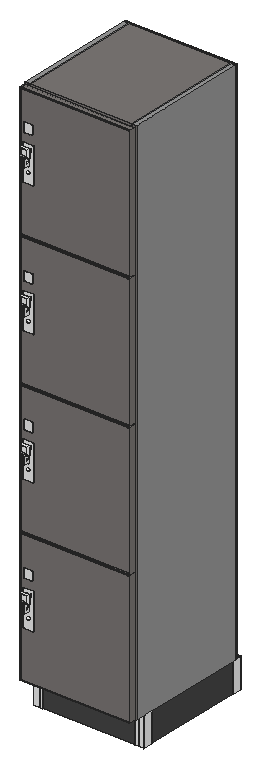
Revit family "Wood_Lockers_Hasps-Salsbury_Industries-15_44000_Series-1_Wide_Units.rfa", category Specialty Equipment, Revit 2016 (continued)
Definition of nested family "Premier Locker Doors_Hasp"
  Dimensions and locks (in)
    aligned and locked: Extrusion 13 sketch curve to plane 61  (x2)
    aligned and locked: Extrusion 13 sketch curve to plane 62  (x2)
  Automatic sketch dimensions
    Extrusion 1 sketch curve to plane 4 "Left Side of Door" = 0.031"
    plane 5 "Right Side of Door" to Extrusion 1 sketch curve = 0.031"
    level to Extrusion 1 sketch curve = 0.031"
    plane 9 "Top of Door" to Extrusion 1 sketch curve = 0.031"
    Extrusion 2 sketch curve to plane 4 "Left Side of Door" = 0.031"
    plane 5 "Right Side of Door" to Extrusion 2 sketch curve = 0.031"
    level to Extrusion 2 sketch curve = 0.031"
    plane 9 "Top of Door" to Extrusion 2 sketch curve = 0.031"
    Extrusion 3 sketch curve to plane 4 "Left Side of Door" = 0.031"
    plane 5 "Right Side of Door" to Extrusion 3 sketch curve = 0.031"
    level to Extrusion 3 sketch curve = 0.031"
    plane 9 "Top of Door" to Extrusion 3 sketch curve = 0.031"
    plane 23 "Left Side of Door-Right Side of Trim" to Sweep 4 sketch curve = 0.000"
    plane 24 "Right Side of Door-Left Side of Trim" to Sweep 4 sketch curve = 0.000"  (x2)
    Sweep 4 sketch curve to plane 26 "Bottom of Door-Top of Trim" = 0.000"
    Sweep 4 sketch curve to plane 25 "Top of Door-Bottom of Trim" = 0.000"
    profile plane to Sweep 4 sketch curve = 0.125"
    Sweep 4 sketch curve to Sweep 4 sketch curve = 0.031"
    Sweep 4 sketch curve to plane 1 "Center (Front/Back)" = 0.375"
    plane 1 "Center (Front/Back)" to Sweep 4 sketch curve = 0.375"
    Extrusion 7 sketch curve to plane 33 = 0.000"
    Extrusion 7 sketch curve to plane 34 = 0.000"
    plane 36 to Extrusion 8 sketch curve = 0.000"
    Extrusion 8 sketch curve to Extrusion 8 sketch curve = 0.500"
    plane 35 "Top Hinge" to Extrusion 8 sketch curve = 0.250"
    Extrusion 8 sketch curve to plane 35 "Top Hinge" = 0.250"
    plane 36 to Extrusion 9 sketch curve = 0.000"
    Extrusion 9 sketch curve to Extrusion 9 sketch curve = 0.500"
    plane 37 "Bottom Hinge" to Extrusion 9 sketch curve = 0.250"
    Extrusion 9 sketch curve to plane 37 "Bottom Hinge" = 0.250"
    plane 36 to Extrusion 10 sketch curve = 0.000"
    Extrusion 10 sketch curve to Extrusion 10 sketch curve = 0.500"
    curve 4 to level = 0.000"
    plane 4 "Left Side of Door" to curve 4 = 0.000"
    plane 5 "Right Side of Door" to curve 3 = 0.000"
    curve 3 to plane 9 "Top of Door" = 0.000"
    Extrusion 5 sketch curve to plane 13 "Left Side of Number Tag" = 0.000"
    Extrusion 5 sketch curve to plane 12 "Bottom of Number Tag" = 0.000"
    Extrusion 5 sketch curve to plane 11 "Top of Number Tag" = 0.000"
    Extrusion 5 sketch curve to plane 14 "Right Side of Number Tag" = 0.000"
    Extrusion 6 sketch curve to plane 13 "Left Side of Number Tag" = 0.000"
    Extrusion 6 sketch curve to plane 12 "Bottom of Number Tag" = 0.000"
    Extrusion 6 sketch curve to plane 11 "Top of Number Tag" = 0.000"
    Extrusion 6 sketch curve to plane 14 "Right Side of Number Tag" = 0.000"
    Extrusion 11 sketch curve to plane 13 "Left Side of Number Tag" = 0.125"
    Extrusion 10 sketch curve to plane 10 "Center of Door" = 0.250"
    plane 10 "Center of Door" to Extrusion 10 sketch curve = 0.250"
    Extrusion 11 sketch curve to plane 21 "Bottom of Lock" = 0.125"
    plane 13 "Left Side of Number Tag" to Extrusion 5 sketch curve = 0.14916"
    Extrusion 5 sketch curve to Extrusion 5 sketch curve = 0.14916"  (x2)
    plane 13 "Left Side of Number Tag" to Extrusion 6 sketch curve = 0.14916"
    Extrusion 6 sketch curve to plane 12 "Bottom of Number Tag" = 0.14916"
    plane 13 "Left Side of Number Tag" to Extrusion 11 sketch curve = 0.000"  (x2)
    Extrusion 5 sketch curve to plane 12 "Bottom of Number Tag" = 0.14916"
    Extrusion 6 sketch curve to plane 14 "Right Side of Number Tag" = 0.14916"  (x2)
    plane 14 "Right Side of Number Tag" to Extrusion 11 sketch curve = 0.000"  (x2)
    Extrusion 12 sketch curve to plane 17 "Left Side of Lock" = 0.000"
    plane 13 "Left Side of Number Tag" to Extrusion 12 sketch curve = 0.000"  (x2)
    plane 14 "Right Side of Number Tag" to Extrusion 12 sketch curve = 0.000"  (x2)
    Extrusion 12 sketch curve to plane 20 "Top of Lock" = 0.000"
    Extrusion 12 sketch curve to plane 18 "Right Side of Lock" = 0.000"
    Extrusion 12 sketch curve to plane 21 "Bottom of Lock" = 0.125"
    plane 15 "Horizontal Center of Number Tag" to Sweep 14 sketch curve = 0.000"
    Sweep 14 sketch curve to plane 50 "Stud Alignment" = 0.000"
    Sweep 14 sketch curve to plane 7 "Front of Door" = 0.000"
    Sweep 14 sketch curve to profile plane = 0.000"
    profile plane to Sweep 14 sketch curve = 0.00168"
    profile plane to Sweep 14 sketch curve = 0.156"
    Sweep 14 sketch curve to plane 7 "Front of Door" = 0.03275"
    Extrusion 15 sketch curve to Extrusion 15 sketch curve = 0.000"  (x2)
    Extrusion 15 sketch curve to plane 50 "Stud Alignment" = 0.000"
    plane 15 "Horizontal Center of Number Tag" to Extrusion 15 sketch curve = 0.000"
    plane 15 "Horizontal Center of Number Tag" to Extrusion 15 sketch curve = 0.010"
    plane 13 "Left Side of Number Tag" to Sweep 16 sketch curve = 0.000"
    plane 14 "Right Side of Number Tag" to Sweep 16 sketch curve = 0.000"
    Sweep 16 sketch curve to plane 45 = 0.000"
    Sweep 16 sketch curve to plane 42 = 0.000"
    Sweep 16 sketch curve to plane 7 "Front of Door" = 0.000"
    profile plane to Sweep 16 sketch curve = 0.000"
    profile plane to Sweep 16 sketch curve = 0.22043"
    Sweep 16 sketch curve to Sweep 16 sketch curve = 0.01681"
    profile plane to Sweep 16 sketch curve = 0.33926"
    Sweep 16 sketch curve to Sweep 16 sketch curve = 0.14344"
    Sweep 16 sketch curve to Sweep 16 sketch curve = 0.15329"
    Sweep 16 sketch curve to Sweep 16 sketch curve = 0.59563"
    Sweep 16 sketch curve to Sweep 16 sketch curve = 0.24142"
    Sweep 16 sketch curve to Sweep 16 sketch curve = 0.00858"
    Sweep 16 sketch curve to Sweep 16 sketch curve = 0.51788"
    Sweep 16 sketch curve to Sweep 16 sketch curve = 0.31119"
    Sweep 16 sketch curve to Sweep 16 sketch curve = 0.11721"
    Sweep 16 sketch curve to Sweep 16 sketch curve = 0.01742"
    Sweep 16 sketch curve to Sweep 16 sketch curve = 0.06553"
    Sweep 16 sketch curve to Sweep 16 sketch curve = 0.000"
    Blend 17 sketch curve to plane 54 = 0.000"
    Blend 17 sketch curve to plane 55 = 0.000"
    Blend 17 sketch curve to plane 47 = 0.21496"
    plane 48 to Blend 17 sketch curve = 0.21496"
    plane 54 to Blend 17 sketch curve = 0.03267"
    Blend 17 sketch curve to plane 40 = 0.00461"
    Blend 17 sketch curve to plane 47 = 0.18235"
    plane 48 to Blend 17 sketch curve = 0.18227"
    Extrusion 18 sketch curve to plane 57 = 0.000"
    Extrusion 18 sketch curve to plane 58 = 0.000"
    plane 59 to Extrusion 19 sketch curve = 0.000"
    Extrusion 19 sketch curve to plane 22 "Front of Hasp Stud" = 0.16637"
    curve 29 to plane 14 "Right Side of Number Tag" = 0.000"
    curve 29 to plane 20 "Top of Lock" = 0.000"
    curve 30 to plane 18 "Right Side of Lock" = 0.000"
    curve 29 to plane 13 "Left Side of Number Tag" = 0.000"
    curve 31 to plane 42 = 0.000"
    curve 32 to plane 21 "Bottom of Lock" = 0.125"
    curve 34 to plane 14 "Right Side of Number Tag" = 0.000"
    curve 35 to plane 13 "Left Side of Number Tag" = 0.000"
    plane 15 "Horizontal Center of Number Tag" to curve 37 = 0.000"
    plane 47 to curve 37 = 0.000"
    plane 57 to curve 37 = 0.0599"
    curve 39 to plane 58 = 0.0661"
    curve 42 to plane 14 "Right Side of Number Tag" = 0.000"
    curve 41 to plane 13 "Left Side of Number Tag" = 0.000"
    curve 41 to plane 45 = 0.000"
    curve 43 to plane 42 = 0.000"
    curve 46 to plane 57 = 0.000"
    curve 46 to plane 15 "Horizontal Center of Number Tag" = 0.063"
    plane 15 "Horizontal Center of Number Tag" to curve 45 = 0.063"
    curve 47 to plane 58 = 0.000"
    curve 15 to plane 6 "Back of Door" = 0.000"
    plane 9 "Top of Door" to curve 15 = 0.000"
    plane 57 to curve 49 = 0.000"
    curve 51 to plane 56 "Front of Latch" = 0.000"
    plane 58 to curve 51 = 0.000"
    curve 17 to level = 0.000"
    plane 59 to curve 52 = 0.000"
    curve 53 to plane 22 "Front of Hasp Stud" = 0.16637"
    plane 7 "Front of Door" to curve 53 = 0.04137"
    plane 53 to curve 54 = 0.05633"
    curve 54 to plane 22 "Front of Hasp Stud" = 0.11642"
    plane 55 to curve 55 = 0.00161"
    curve 55 to plane 40 = 0.00465"
    plane 45 to curve 56 = 0.000"
    curve 56 to plane 39 "Front of Knob" = 0.01788"
    curve 56 to plane 40 = 0.08926"
    plane 55 to curve 57 = 0.000"
    curve 57 to plane 40 = 0.03757"
    plane 39 "Front of Knob" to curve 57 = 0.004"
    plane 42 to curve 60 = 0.000"
    curve 58 to plane 39 "Front of Knob" = 0.000"
    plane 54 to curve 58 = 0.000"
    plane 54 to curve 59 = 0.000"
    plane 55 to curve 58 = 0.000"
    curve 60 to plane 39 "Front of Knob" = 0.01788"
    curve 60 to plane 52 = 0.09774"
    plane 54 to curve 60 = 0.03261"
    plane 56 "Front of Latch" to curve 59 = 0.02711"
    plane 54 to curve 59 = 0.06553"
    plane 39 "Front of Knob" to curve 59 = 0.004"
    curve 61 to plane 54 = 0.00161"
    curve 61 to plane 22 "Front of Hasp Stud" = 0.11642"
    plane 6 "Back of Door" to curve 9 = 0.000"
    curve 6 to plane 4 "Left Side of Door" = 0.000"
    plane 7 "Front of Door" to curve 6 = 0.000"
    plane 7 "Front of Door" to curve 28 = 0.000"
    curve 67 to plane 14 "Right Side of Number Tag" = 0.000"
    curve 65 to plane 13 "Left Side of Number Tag" = 0.000"
    curve 66 to plane 39 "Front of Knob" = 0.000"
    curve 28 to plane 17 "Left Side of Lock" = 0.000"
    curve 28 to plane 18 "Right Side of Lock" = 0.000"
    curve 8 to plane 5 "Right Side of Door" = 0.000"
    curve 64 to plane 22 "Front of Hasp Stud" = 0.11642"
    curve 69 to plane 22 "Front of Hasp Stud" = 0.11642"
    curve 68 to plane 39 "Front of Knob" = 0.01788"
    curve 65 to plane 39 "Front of Knob" = 0.01788"
    curve 14 to plane 23 "Left Side of Door-Right Side of Trim" = 0.07537"
    plane 48 to curve 64 = 0.21657"
    plane 48 to curve 65 = 0.09774"
    plane 48 to curve 63 = 0.05633"
    curve 70 to plane 47 = 0.05633"
    curve 68 to plane 47 = 0.09774"
    curve 69 to curve 69 = 0.16024"
    curve 64 to curve 65 = 0.15655"
    curve 69 to curve 68 = 0.15655"
    plane 39 "Front of Knob" to curve 67 = 0.004"
    plane 33 to curve 14 = 0.250"
    curve 66 to curve 65 = 0.11721"
    curve 67 to plane 47 = 0.14943"
    curve 68 to curve 66 = 0.11721"
    curve 67 to curve 66 = 0.000"
    plane 39 "Front of Knob" to curve 71 = 0.004"
    curve 71 to curve 66 = 0.000"
    plane 48 to curve 71 = 0.14943"
    plane 1 "Center (Front/Back)" to curve 73 = 0.000"
    curve 73 to plane 4 "Left Side of Door" = 0.000"
    curve 73 to plane 60 = 0.000"
    plane 48 to Extrusion 13 sketch curve = 0.000"
    plane 15 "Horizontal Center of Number Tag" to Extrusion 13 sketch curve = 0.000"
    radius of Extrusion 7 sketch curve = 0.250"
    radius of Sweep 14 sketch curve = 0.010"
    radius of Extrusion 19 sketch curve = 0.250"
Definition of nested family "Wood Locker Bases"
  Parameters (values of type "Base - 12" W x 15" D Lockers")
    Width = 12.000"
    Visible Base = yes
    Visible = no
    Model = "Base - 12\" W x 15\" D Lockers"
    Manufacturer = "Salsbury Industries"
    Height = 4.000"
    Depth = 13.250"
    Base Secondary Material = none
    Base Primary Materials = none
    Base Hardware = none
  Types (14): name | Width | Visible Base | Visible | Model | Depth
    (no name) | 12.000" | yes | no | "Base - 12\" W x 15\" D Lockers" | 13.250"
    Base - 12" W x 15" D Lockers | 12.000" | yes | no | "Base - 12\" W x 15\" D Lockers" | 13.250"
    Base - 12" W x 18" D Lockers | 12.000" | yes | no | "Base - 12\" W x 18\" D Lockers" | 16.250"
    Base - 12" W x 21" D Lockers | 12.000" | yes | no | "Base - 12\" W x 21\" D Lockers" | 19.250"
    Base - 36" W x 15" D Lockers | 36.000" | yes | yes | "Base - 36\" W x 15\" D Lockers" | 13.250"
    Base - 36" W x 18" D Lockers | 36.000" | yes | yes | "Base - 36\" W x 18\" D Lockers" | 16.250"
    Base - 36" W x 21" D Lockers | 36.000" | yes | yes | "Base - 36\" W x 21\" D Lockers" | 19.250"
    Base - 15" W x 18" D Lockers | 15.000" | yes | no | "Base - 15\" W x 18\" D Lockers" | 16.250"
    Base - 15" W x 21" D Lockers | 15.000" | yes | no | "Base - 15\" W x 21\" D Lockers" | 19.250"
    Base - 15" W x 24" D Lockers | 15.000" | yes | no | "Base - 15\" W x 24\" D Lockers" | 22.250"
    Base - 45" W x 18" D Lockers | 45.000" | yes | yes | "Base - 45\" W x 18\" D Lockers" | 16.250"
    Base - 45" W x 21" D Lockers | 45.000" | yes | yes | "Base - 45\" W x 21\" D Lockers" | 19.250"
    Base - 45" W x 24" D Lockers | 45.000" | yes | yes | "Base - 45\" W x 24\" D Lockers" | 22.250"
    None | 12.000" | no | no | "Base - 12\" W x 15\" D Lockers" | 13.250"
  Reference planes (in)
    plane 1 "Center (Front/Back)": y = 0
    plane 2: z = 0
    plane 3 "Center (Left/Right)": x = 0
    plane 4 "Left Edge": x = -6
    plane 5 "Right Edge": x = 6
    plane 6 "Back Edge": y = 6.625
    plane 7 "Front Edge": y = -6.625
    plane 8 "Bottom Edge": z = 0
    plane 9 "Top Edge": z = 4
    plane 10: x = -4.75
    plane 11: x = -4.102
    plane 12: y = 6.562
    plane 13: y = 5.8
    plane 14: x = -5.131
    plane 15: x = -5.256
    plane 16: x = -5.937
    plane 17: x = -5.175
    plane 18: y = 4.727
    plane 19: y = 5.375
    plane 20: y = 5.756
    plane 21: y = 5.881
    plane 22: x = -5.931
    plane 23: x = 5.931
    plane 24: y = 6.556
    plane 25: y = -6.556
    plane 26: y = 6.525
    plane 27: y = -6.525
    plane 28: x = -5.9
    plane 29: x = 5.9
    plane 30: x = -2.375
    plane 31: x = 2.375
  Forms (in)
    Extrusion 1, solid, material <- "Base Hardware", visible <- "Visible Base"
      sketch origin (0, 0, 0) x (1, 0, 0) y (0, 1, 0)
        loop
          arc (-5.96712, 6.625) -> (-5.99098, 6.61598) -> (-6, 6.59212) r 0.031
          line (-6, 6.59212) -> (-6, 5.4065)
          arc (-6, 5.4065) -> (-5.9685, 5.375) -> (-5.937, 5.4065) r 0.0315
          line (-5.937, 5.4065) -> (-5.937, 5.756) -> (-5.837, 5.756) -> (-5.837, 5.819) -> (-5.937, 5.819) -> (-5.937, 6.51465) -> (-5.256, 5.83365) -> (-5.256, 5.756) -> (-5.175, 5.756) -> (-5.175, 4.75833)
          arc (-5.175, 4.75833) -> (-5.14367, 4.727) -> (-5.11235, 4.75833) r 0.03133
          line (-5.11235, 4.75833) -> (-5.11235, 5.73703) -> (-4.13348, 5.73703)
          arc (-4.13348, 5.73703) -> (-4.102, 5.76852) -> (-4.13348, 5.8) r 0.03148
          line (-4.13348, 5.8) -> (-5.131, 5.8) -> (-5.131, 5.881) -> (-5.21422, 5.881) -> (-5.89522, 6.562) -> (-5.194, 6.562) -> (-5.194, 6.462) -> (-5.131, 6.462) -> (-5.131, 6.562) -> (-4.7814, 6.562)
          arc (-4.7814, 6.562) -> (-4.7499, 6.5935) -> (-4.7814, 6.625) r 0.0315
          line (-4.7814, 6.625) -> (-5.96712, 6.625)
      from 0 to 4
    Extrusion 2, solid, material <- "Base Hardware", visible <- "Visible Base"
      sketch origin (0, 0, 0) x (-1, 0, 0) y (0, -1, 0)
        loop
          line (-5.96712, -6.625) -> (-4.7814, -6.625)
          arc (-4.7814, -6.625) -> (-4.7499, -6.5935) -> (-4.7814, -6.562) r 0.0315
          line (-4.7814, -6.562) -> (-5.131, -6.562) -> (-5.131, -6.462) -> (-5.194, -6.462) -> (-5.194, -6.562) -> (-5.89522, -6.562) -> (-5.21422, -5.881) -> (-5.131, -5.881) -> (-5.131, -5.8) -> (-4.13348, -5.8)
          arc (-4.13348, -5.8) -> (-4.102, -5.76852) -> (-4.13348, -5.73703) r 0.03148
          line (-4.13348, -5.73703) -> (-5.11235, -5.73703) -> (-5.11235, -4.75833)
          arc (-5.11235, -4.75833) -> (-5.14367, -4.727) -> (-5.175, -4.75833) r 0.03133
          line (-5.175, -4.75833) -> (-5.175, -5.756) -> (-5.256, -5.756) -> (-5.256, -5.83365) -> (-5.937, -6.51465) -> (-5.937, -5.819) -> (-5.837, -5.819) -> (-5.837, -5.756) -> (-5.937, -5.756) -> (-5.937, -5.4065)
          arc (-5.937, -5.4065) -> (-5.9685, -5.375) -> (-6, -5.4065) r 0.0315
          line (-6, -5.4065) -> (-6, -6.59212)
          arc (-6, -6.59212) -> (-5.99098, -6.61598) -> (-5.96712, -6.625) r 0.031
      from 0 to 4
    Extrusion 3, solid, material <- "Base Hardware", visible <- "Visible Base"
      sketch origin (0, 0, 0) x (1, 0, 0) y (0, 1, 0)
        loop
          line (-5.96712, -6.625) -> (-4.7814, -6.625)
          arc (-4.7814, -6.625) -> (-4.7499, -6.5935) -> (-4.7814, -6.562) r 0.0315
          line (-4.7814, -6.562) -> (-5.131, -6.562) -> (-5.131, -6.462) -> (-5.194, -6.462) -> (-5.194, -6.562) -> (-5.89522, -6.562) -> (-5.21422, -5.881) -> (-5.131, -5.881) -> (-5.131, -5.8) -> (-4.13348, -5.8)
          arc (-4.13348, -5.8) -> (-4.102, -5.76852) -> (-4.13348, -5.73703) r 0.03148
          line (-4.13348, -5.73703) -> (-5.11235, -5.73703) -> (-5.11235, -4.75833)
          arc (-5.11235, -4.75833) -> (-5.14367, -4.727) -> (-5.175, -4.75833) r 0.03133
          line (-5.175, -4.75833) -> (-5.175, -5.756) -> (-5.256, -5.756) -> (-5.256, -5.83365) -> (-5.937, -6.51465) -> (-5.937, -5.819) -> (-5.837, -5.819) -> (-5.837, -5.756) -> (-5.937, -5.756) -> (-5.937, -5.4065)
          arc (-5.937, -5.4065) -> (-5.9685, -5.375) -> (-6, -5.4065) r 0.0315
          line (-6, -5.4065) -> (-6, -6.59212)
          arc (-6, -6.59212) -> (-5.99098, -6.61598) -> (-5.96712, -6.625) r 0.031
      from 0 to 4
    Extrusion 4, solid, material <- "Base Hardware", visible <- "Visible Base"
      sketch origin (0, 0, 0) x (-1, 0, 0) y (0, -1, 0)
        loop
          arc (-5.96712, 6.625) -> (-5.99098, 6.61598) -> (-6, 6.59212) r 0.031
          line (-6, 6.59212) -> (-6, 5.4065)
          arc (-6, 5.4065) -> (-5.9685, 5.375) -> (-5.937, 5.4065) r 0.0315
          line (-5.937, 5.4065) -> (-5.937, 5.756) -> (-5.837, 5.756) -> (-5.837, 5.819) -> (-5.937, 5.819) -> (-5.937, 6.51465) -> (-5.256, 5.83365) -> (-5.256, 5.756) -> (-5.175, 5.756) -> (-5.175, 4.75833)
          arc (-5.175, 4.75833) -> (-5.14367, 4.727) -> (-5.11235, 4.75833) r 0.03133
          line (-5.11235, 4.75833) -> (-5.11235, 5.73703) -> (-4.13348, 5.73703)
          arc (-4.13348, 5.73703) -> (-4.102, 5.76852) -> (-4.13348, 5.8) r 0.03148
          line (-4.13348, 5.8) -> (-5.131, 5.8) -> (-5.131, 5.881) -> (-5.21422, 5.881) -> (-5.89522, 6.562) -> (-5.194, 6.562) -> (-5.194, 6.462) -> (-5.131, 6.462) -> (-5.131, 6.562) -> (-4.7814, 6.562)
          arc (-4.7814, 6.562) -> (-4.7499, 6.5935) -> (-4.7814, 6.625) r 0.0315
          line (-4.7814, 6.625) -> (-5.96712, 6.625)
      from 0 to 4
    Extrusion 5, solid, material <- "Base Secondary Material", visible <- "Visible Base"
      sketch origin (0, 0, 0) x (0, -1, 0) y (1, 0, 0)
        loop
          line (-5.756, 5.9) -> (-5.756, 5.181) -> (5.75697, 5.181) -> (5.75697, 5.9) -> (-5.756, 5.9)
      from 0 to 4
    Extrusion 6, solid, material <- "Base Secondary Material", visible <- "Visible Base"
      sketch origin (0, 0, 0) x (0, -1, 0) y (1, 0, 0)
        loop
          line (-5.756, -5.9) -> (5.75697, -5.9) -> (5.75697, -5.181) -> (-5.756, -5.181) -> (-5.756, -5.9)
      from 0 to 4
    Extrusion 7, solid, material <- "Base Secondary Material", visible <- "Visible Base"
      sketch origin (-2.05521, 0.625, 0) x (1, 0, 0) y (0, 1, 0)
        loop
          line (-3.07579, 5.9) -> (-3.07579, 5.181) -> (7.18621, 5.181) -> (7.18621, 5.9) -> (-3.07579, 5.9)
      from 0 to 4
    Extrusion 8, solid, material <- "Base Secondary Material", visible <- "Visible Base"
      sketch origin (-2.05521, -0.625, 0) x (1, 0, 0) y (0, 1, 0)
        loop
          line (-3.07579, -5.9) -> (7.18621, -5.9) -> (7.18621, -5.181) -> (-3.07579, -5.181) -> (-3.07579, -5.9)
      from 0 to 4
    Extrusion 9, solid, material <- "Base Primary Materials", visible <- "Visible Base"
      sketch origin (0.76452, 0, 0) x (0, -1, 0) y (1, 0, 0)
        loop
          line (-5.756, 5.16648) -> (-5.756, 5.13548) -> (5.75697, 5.13548) -> (5.75697, 5.16648) -> (-5.756, 5.16648)
      from 0 to 4
    Extrusion 10, solid, material <- "Base Primary Materials", visible <- "Visible Base"
      sketch origin (-0.719, 0, 0) x (0, -1, 0) y (1, 0, 0)
        loop
          line (-5.756, -5.212) -> (5.75697, -5.212) -> (5.75697, -5.181) -> (-5.756, -5.181) -> (-5.756, -5.212)
      from 0 to 4
    Extrusion 11, solid, material <- "Base Primary Materials", visible <- "Visible Base"
      sketch origin (-2.05521, 1.344, 0) x (1, 0, 0) y (0, 1, 0)
        loop
          line (-3.07579, 5.218) -> (-3.07579, 5.181) -> (7.18621, 5.181) -> (7.18621, 5.218) -> (-3.07579, 5.218)
      from 0 to 4
    Extrusion 12, solid, material <- "Base Primary Materials", visible <- "Visible Base"
      sketch origin (-2.05521, -1.344, 0) x (1, 0, 0) y (0, 1, 0)
        loop
          line (-3.07579, -5.212) -> (7.18621, -5.212) -> (7.18621, -5.181) -> (-3.07579, -5.181) -> (-3.07579, -5.212)
      from 0 to 4
    Extrusion 13, solid, material <- "Base Secondary Material", visible <- "Visible"
      sketch origin (0, 0, 4) x (0, -1, 0) y (1, 0, 0)
        loop
          line (-5.806, -2.375) -> (5.806, -2.375) -> (5.806, 2.375) -> (-5.806, 2.375) -> (-5.806, -2.375)
      from 0 to -0.75
    Extrusion 14, solid, material <- "Base Secondary Material", visible <- "Visible"
      sketch origin (0, 0, 0) x (0, -1, 0) y (1, 0, 0)
        loop
          line (-5.806, -2.375) -> (-5.056, -2.375) -> (-5.056, 2.375) -> (-5.806, 2.375) -> (-5.806, -2.375)
      from 0 to 3.25
    Extrusion 15, solid, material <- "Base Secondary Material", visible <- "Visible"
      sketch origin (0, 0, 0) x (0, 1, 0) y (-1, 0, 0)
        loop
          line (-5.806, 2.375) -> (-5.806, -2.375) -> (-5.056, -2.375) -> (-5.056, 2.375) -> (-5.806, 2.375)
      from 0 to 3.25
  Dimensions and locks (in)
    equal spacing: plane 4 "Left Edge", plane 3 "Center (Left/Right)", plane 5 "Right Edge"
    "Width": plane 4 "Left Edge" to plane 5 "Right Edge"
    equal spacing: plane 7 "Front Edge", plane 1 "Center (Front/Back)", plane 6 "Back Edge"
    "Depth": plane 7 "Front Edge" to plane 6 "Back Edge"
    "Height": plane 9 "Top Edge" to plane 8 "Bottom Edge"
    locked: plane 4 "Left Edge" to plane 10 at 1.25
    locked: plane 4 "Left Edge" to plane 11 at 1.898
    locked: plane 12 to plane 6 "Back Edge" at 0.063
    plane 14 to plane 10 = 0.381"
    locked: plane 12 to plane 13 at 0.762
    locked: plane 4 "Left Edge" to plane 16 at 0.063
    locked: plane 16 to plane 17 at 0.762
    locked: plane 19 to plane 6 "Back Edge" at 1.25
    locked: plane 18 to plane 6 "Back Edge" at 1.898
    plane 15 to plane 17 = 0.081"
    plane 21 to plane 13 = 0.081"
    plane 19 to plane 20 = 0.381"
    plane 24 to plane 6 "Back Edge" = 0.069"
    plane 7 "Front Edge" to plane 25 = 0.069"
    plane 23 to plane 5 "Right Edge" = 0.069"
    plane 4 "Left Edge" to plane 22 = 0.069"
    plane 26 to plane 24 = 0.031"
    plane 25 to plane 27 = 0.031"
    plane 22 to plane 28 = 0.031"
    plane 29 to plane 23 = 0.031"
    plane 30 to plane 3 "Center (Left/Right)" to plane 31 = 2.375" locked, 2.375" locked
    aligned and locked: level to plane 2
    aligned and locked: plane 30 to Extrusion 13
    aligned and locked: plane 30 to Extrusion 14
    aligned and locked: plane 30 to Extrusion 15
    aligned and locked: Extrusion 13 to plane 31
    aligned and locked: Extrusion 14 to plane 31
    aligned and locked: Extrusion 15 to plane 31
  Automatic sketch dimensions
    Extrusion 1 sketch curve to plane 4 "Left Edge" = 0.000"
    plane 6 "Back Edge" to Extrusion 1 sketch curve = 0.000"
    Extrusion 1 sketch curve to plane 16 = 0.000"  (x2)
    Extrusion 1 sketch curve to plane 12 = 0.000"  (x2)
    plane 20 to Extrusion 1 sketch curve = 0.000"  (x2)
    Extrusion 1 sketch curve to plane 15 = 0.000"
    plane 21 to Extrusion 1 sketch curve = 0.000"
    Extrusion 1 sketch curve to plane 17 = 0.000"
    Extrusion 1 sketch curve to plane 14 = 0.000"  (x2)
    Extrusion 1 sketch curve to plane 13 = 0.000"
    Extrusion 1 sketch curve to plane 4 "Left Edge" = 0.03094"
    plane 16 to Extrusion 1 sketch curve = 0.03012"
    Extrusion 1 sketch curve to plane 28 = 0.00478"
    Extrusion 1 sketch curve to plane 28 = 0.063"
    plane 17 to Extrusion 1 sketch curve = 0.03922"
    plane 17 to Extrusion 1 sketch curve = 0.019"
    plane 14 to Extrusion 1 sketch curve = 0.01267"
    plane 10 to Extrusion 1 sketch curve = 0.0314"
    plane 11 to Extrusion 1 sketch curve = 0.03148"
    plane 20 to Extrusion 1 sketch curve = 0.01897"
    Extrusion 1 sketch curve to plane 19 = 0.0315"
    Extrusion 1 sketch curve to plane 18 = 0.03133"
    plane 13 to Extrusion 1 sketch curve = 0.019"
    plane 13 to Extrusion 1 sketch curve = 0.03365"
    plane 26 to Extrusion 1 sketch curve = 0.063"
    plane 26 to Extrusion 1 sketch curve = 0.01035"
    plane 12 to Extrusion 1 sketch curve = 0.03012"
    Extrusion 2 sketch curve to plane 5 "Right Edge" = 0.000"
    plane 6 "Back Edge" to Extrusion 2 sketch curve = 0.000"
    plane 20 to Extrusion 2 sketch curve = 0.000"  (x2)
    plane 12 to Extrusion 2 sketch curve = 0.000"  (x2)
    plane 21 to Extrusion 2 sketch curve = 0.000"
    plane 13 to Extrusion 2 sketch curve = 0.000"
    Extrusion 2 sketch curve to plane 5 "Right Edge" = 0.03094"
    Extrusion 2 sketch curve to Extrusion 2 sketch curve = 0.0315"
    Extrusion 2 sketch curve to Extrusion 2 sketch curve = 0.00194"
    plane 23 to Extrusion 2 sketch curve = 0.006"
    Extrusion 2 sketch curve to plane 29 = 0.00478"
    Extrusion 2 sketch curve to plane 29 = 0.063"
    Extrusion 2 sketch curve to plane 13 = 0.03365"
    Extrusion 2 sketch curve to Extrusion 2 sketch curve = 0.581"
    Extrusion 2 sketch curve to Extrusion 2 sketch curve = 0.04178"
    Extrusion 2 sketch curve to plane 26 = 0.063"
    Extrusion 2 sketch curve to Extrusion 2 sketch curve = 0.02022"
    plane 18 to Extrusion 2 sketch curve = 0.03133"
    Extrusion 2 sketch curve to plane 29 = 0.725"
    Extrusion 2 sketch curve to Extrusion 2 sketch curve = 0.03133"
    Extrusion 2 sketch curve to Extrusion 2 sketch curve = 0.063"
    Extrusion 2 sketch curve to Extrusion 2 sketch curve = 0.08322"
    Extrusion 2 sketch curve to Extrusion 2 sketch curve = 0.3496"
    Extrusion 2 sketch curve to Extrusion 2 sketch curve = 0.97886"
    plane 19 to Extrusion 2 sketch curve = 0.0315"
    Extrusion 2 sketch curve to plane 20 = 0.01897"
    Extrusion 2 sketch curve to plane 13 = 0.019"
    Extrusion 2 sketch curve to plane 26 = 0.01035"
    Extrusion 2 sketch curve to plane 12 = 0.03012"
    Extrusion 3 sketch curve to plane 4 "Left Edge" = 0.000"
    plane 7 "Front Edge" to Extrusion 3 sketch curve = 0.000"
    Extrusion 3 sketch curve to plane 16 = 0.000"  (x2)
    Extrusion 3 sketch curve to plane 15 = 0.000"
    Extrusion 3 sketch curve to plane 17 = 0.000"
    Extrusion 3 sketch curve to plane 14 = 0.000"  (x2)
    plane 4 "Left Edge" to Extrusion 3 sketch curve = 0.03094"
    Extrusion 3 sketch curve to plane 16 = 0.03012"
    plane 28 to Extrusion 3 sketch curve = 0.00478"
    plane 28 to Extrusion 3 sketch curve = 0.063"
    Extrusion 3 sketch curve to plane 17 = 0.03922"
    Extrusion 3 sketch curve to plane 17 = 0.019"
    Extrusion 3 sketch curve to plane 14 = 0.01267"
    Extrusion 3 sketch curve to plane 25 = 0.006"  (x2)
    Extrusion 3 sketch curve to plane 10 = 0.0314"
    Extrusion 3 sketch curve to plane 11 = 0.03148"
    plane 27 to Extrusion 3 sketch curve = 0.01035"
    plane 27 to Extrusion 3 sketch curve = 0.063"
    Extrusion 3 sketch curve to Extrusion 3 sketch curve = 0.581"
    Extrusion 3 sketch curve to Extrusion 3 sketch curve = 0.04735"
    Extrusion 3 sketch curve to Extrusion 3 sketch curve = 0.01465"
    Extrusion 3 sketch curve to Extrusion 3 sketch curve = 0.081"
    Extrusion 3 sketch curve to Extrusion 3 sketch curve = 0.03148"
    Extrusion 3 sketch curve to Extrusion 3 sketch curve = 0.044"
    Extrusion 3 sketch curve to Extrusion 3 sketch curve = 0.063"
    Extrusion 3 sketch curve to Extrusion 3 sketch curve = 0.3495"
    Extrusion 3 sketch curve to Extrusion 3 sketch curve = 0.97871"
    plane 7 "Front Edge" to Extrusion 3 sketch curve = 0.03288"
    Extrusion 4 sketch curve to plane 5 "Right Edge" = 0.000"
    plane 7 "Front Edge" to Extrusion 4 sketch curve = 0.000"
    plane 5 "Right Edge" to Extrusion 4 sketch curve = 0.03094"
    Extrusion 4 sketch curve to Extrusion 4 sketch curve = 0.0315"
    Extrusion 4 sketch curve to Extrusion 4 sketch curve = 0.00194"
    Extrusion 4 sketch curve to plane 23 = 0.006"
    plane 29 to Extrusion 4 sketch curve = 0.00478"
    plane 29 to Extrusion 4 sketch curve = 0.063"
    Extrusion 4 sketch curve to Extrusion 4 sketch curve = 0.581"
    Extrusion 4 sketch curve to Extrusion 4 sketch curve = 0.04178"
    Extrusion 4 sketch curve to plane 27 = 0.063"
    Extrusion 4 sketch curve to Extrusion 4 sketch curve = 0.02022"
    plane 29 to Extrusion 4 sketch curve = 0.725"
    Extrusion 4 sketch curve to Extrusion 4 sketch curve = 0.03133"
    Extrusion 4 sketch curve to Extrusion 4 sketch curve = 0.063"  (x2)
    Extrusion 4 sketch curve to Extrusion 4 sketch curve = 0.08322"
    plane 25 to Extrusion 4 sketch curve = 0.006"  (x2)
    Extrusion 4 sketch curve to Extrusion 4 sketch curve = 0.3496"
    Extrusion 4 sketch curve to plane 27 = 0.725"
    Extrusion 4 sketch curve to Extrusion 4 sketch curve = 0.97886"
    Extrusion 4 sketch curve to Extrusion 4 sketch curve = 0.03148"
    Extrusion 4 sketch curve to Extrusion 4 sketch curve = 0.044"
    Extrusion 4 sketch curve to Extrusion 4 sketch curve = 0.000"
    Extrusion 4 sketch curve to Extrusion 4 sketch curve = 0.3495"
    Extrusion 4 sketch curve to Extrusion 4 sketch curve = 0.97871"
    Extrusion 4 sketch curve to Extrusion 4 sketch curve = 0.07765"
    Extrusion 4 sketch curve to Extrusion 4 sketch curve = 0.081"
    Extrusion 4 sketch curve to plane 27 = 0.01035"
    Extrusion 4 sketch curve to plane 7 "Front Edge" = 0.03288"
    plane 20 to Extrusion 5 sketch curve = 0.000"
    Extrusion 5 sketch curve to plane 29 = 0.000"
    Extrusion 5 sketch curve to plane 27 = 0.76803"
    plane 29 to Extrusion 5 sketch curve = 0.719"
    plane 20 to Extrusion 6 sketch curve = 0.000"
    Extrusion 6 sketch curve to plane 28 = 0.000"
    plane 27 to Extrusion 6 sketch curve = 0.76803"
    Extrusion 6 sketch curve to plane 17 = 0.006"
    Extrusion 7 sketch curve to plane 14 = 0.000"
    plane 26 to Extrusion 7 sketch curve = 0.000"
    plane 29 to Extrusion 7 sketch curve = 0.769"
    plane 13 to Extrusion 7 sketch curve = 0.006"
    Extrusion 8 sketch curve to plane 14 = 0.000"
    plane 27 to Extrusion 8 sketch curve = 0.000"
    Extrusion 8 sketch curve to plane 29 = 0.769"
    plane 27 to Extrusion 8 sketch curve = 0.719"
    plane 20 to Extrusion 9 sketch curve = 0.000"
    Extrusion 9 sketch curve to plane 23 = 0.000"
    Extrusion 9 sketch curve to plane 29 = 0.000"
    Extrusion 9 sketch curve to plane 27 = 0.76803"
    plane 20 to Extrusion 10 sketch curve = 0.000"
    Extrusion 10 sketch curve to plane 22 = 0.000"
    Extrusion 10 sketch curve to plane 28 = 0.000"
    plane 27 to Extrusion 10 sketch curve = 0.76803"
    Extrusion 11 sketch curve to plane 14 = 0.000"
    plane 12 to Extrusion 11 sketch curve = 0.000"
    plane 26 to Extrusion 11 sketch curve = 0.000"
    plane 29 to Extrusion 11 sketch curve = 0.769"
    Extrusion 12 sketch curve to plane 14 = 0.000"
    plane 25 to Extrusion 12 sketch curve = 0.000"
    plane 27 to Extrusion 12 sketch curve = 0.000"
    Extrusion 12 sketch curve to plane 29 = 0.769"
    plane 13 to Extrusion 13 sketch curve = 0.006"
    Extrusion 13 sketch curve to plane 27 = 0.719"
    Extrusion 13 sketch curve to plane 11 = 1.727"
    plane 3 "Center (Left/Right)" to Extrusion 13 sketch curve = 2.375"
    plane 13 to Extrusion 14 sketch curve = 0.006"
    plane 19 to Extrusion 14 sketch curve = 0.319"
    Extrusion 14 sketch curve to plane 11 = 1.727"
    plane 3 "Center (Left/Right)" to Extrusion 14 sketch curve = 2.375"
    plane 27 to Extrusion 15 sketch curve = 0.719"
    Extrusion 15 sketch curve to Extrusion 15 sketch curve = 0.750"
    plane 11 to Extrusion 15 sketch curve = 1.727"
    Extrusion 15 sketch curve to plane 3 "Center (Left/Right)" = 2.375"
Definition of nested family "Wood Locker Sloping Hoods"
  Parameters (values of type "44834- for 24" Deep Lockers (3 Wide)")
    Width = 54.000"
    Visible = yes
    Version = "1.0 (12/15/23)"
    Type Comments = "Sloping Hood for Premier Wood Lockers"
    Model = "834"
    Manufacturer = "Salsbury Industries"
    Laminate Surface = none
    Height = 9.118"
    Description = "For 24\" D - 3 Wide Lockers"
    Depth = 23.625"
  Types (20): name | Width | Visible | Version | Type Comments | Model | Manufacturer | Height | Description | Depth
    (no name) | 54.000" | yes | "1.0 (12/15/23)" | "Sloping Hood for Premier Wood Lockers" | "834" | "Salsbury Industries" | 9.118" | "For 24\" D - 3 Wide Lockers" | 23.625"
    44357 - for 15" Deep Lockers (1 Wide) | 12.000" | yes | "1.0 (12/15/23)" | "Sloping Hood for Premier Wood Lockers" | "44357" | "Salsbury Industries" | 5.743" | "For 15\" D - 1 Wide Lockers" | 14.625"
    44353 - for 18" Deep Lockers (1 Wide) | 12.000" | yes | "1.0 (12/15/23)" | "Sloping Hood for Premier Wood Lockers" | "44353" | "Salsbury Industries" | 6.868" | "For 18\" D - 1 Wide Lockers" | 17.625"
    44352 - for 21" Deep Lockers (1 Wide) | 12.000" | yes | "1.0 (12/15/23)" | "Sloping Hood for Premier Wood Lockers" | "44352" | "Salsbury Industries" | 7.993" | "For 21\" D - 1 Wide Lockers" | 20.625"
    44359 - for 15" Deep Lockers (3 Wide) | 36.000" | yes | "1.0 (12/15/23)" | "Sloping Hood for Premier Wood Lockers" | "44359" | "Salsbury Industries" | 5.743" | "For 15\" D - 3 Wide Lockers" | 14.625"
    44356 - for 18" Deep Lockers (3 Wide) | 36.000" | yes | "1.0 (12/15/23)" | "Sloping Hood for Premier Wood Lockers" | "44356" | "Salsbury Industries" | 6.868" | "For 18\" D - 3 Wide Lockers" | 17.625"
    44354 - for 21" Deep Lockers (3 Wide) | 36.000" | yes | "1.0 (12/15/23)" | "Sloping Hood for Premier Wood Lockers" | "44354" | "Salsbury Industries" | 7.993" | "For 21\" D - 3 Wide Lockers" | 20.625"
    44255 - for 24" Deep Lockers (1 Wide) | 15.000" | yes | "1.0 (12/15/23)" | "Sloping Hood for Premier Wood Lockers" | "44255" | "Salsbury Industries" | 9.118" | "For 24\" D - 1 Wood Lockers" | 23.625"
    442257 - for 24" Deep Lockers (3 Wide) | 45.000" | yes | "1.0 (12/15/23)" | "Sloping Hood for Premier Wod Lockers" | "44257" | "Salsbury Industries" | 9.118" | "For 24\" D - 3 Wide Lockers" | 23.625"
    44252 - for 21" Deep Lockers (1 Wide) | 15.000" | yes | "1.0 (12/15/23)" | "Sloping Hood for 15\" Wide Premier Wood Lockers" | "44252" | "Salsbury Industries" | 7.993" | "For 21\" D - 1 Wide Lockers" | 20.625"
    44254 - for 21" Deep Lockers (3 Wide) | 45.000" | yes | "1.0 (12/15/23)" | "Sloping Hood for 15\" Wide Premier Wood Lockers" | "44254" | "Salsbury Industries" | 7.993" | "For 21\" D - 3 Wide Lockers" | 20.625"
    44251 - for 18" Deep Lockers (1 Wide) | 15.000" | yes | "1.0 (12/15/23)" | "Sloping Hood for 15\"Wide Premier Wood Lockers" | "44251" | "Salsbury Industries" | 6.868" | "For 18\" D - 1 Wide Lockers" | 17.625"
    44253 - for 18" Deep Lockers (3 Wide) | 45.000" | yes | "1.0 (12/15/23)" | "Sloping Hood for 15\" Wide Premier Wood Lockers" | "44253" | "Salsbury Industries" | 6.868" | "For 18\" D - 3 Wide Lockers" | 17.625"
    None | 12.000" | no | "" | "" | "" | "" | 5.743" | "" | 14.625"
    44818 - for 18" Deep Lockers (1 Wide) | 18.000" | yes | "1.0 (12/15/23)" | "Sloping Hood for Premier Wood Lockers" | "44818" | "Salsbury Industries" | 6.868" | "For 18\" D - 1 Wide Lockers" | 17.625"
    44811- for 21" Deep Lockers (1 Wide) | 18.000" | yes | "1.0 (12/15/23)" | "Sloping Hood for Premier Wood Lockers" | "44811" | "Salsbury Industries" | 7.993" | "For 21\" D - 1 Wide Lockers" | 20.625"
    44814- for 24" Deep Lockers (1 Wide) | 18.000" | yes | "1.0 (12/15/23)" | "Sloping Hood for Premier Wood Lockers" | "44814" | "Salsbury Industries" | 9.118" | "For 24\" D - 1 Wide Lockers" | 23.625"
    44838- for 18" Deep Lockers (3 Wide) | 54.000" | yes | "1.0 (12/15/23)" | "Sloping Hood for Premier Wood Lockers" | "44838" | "Salsbury Industries" | 6.868" | "For 18\" D - 3 Wide Lockers" | 17.625"
    44831- for 21" Deep Lockers (3 Wide) | 54.000" | yes | "1.0 (12/15/23)" | "Sloping Hood for Premier Wood Lockers" | "44831" | "Salsbury Industries" | 7.993" | "For 21\" D - 3 Wide Lockers" | 20.625"
    44834- for 24" Deep Lockers (3 Wide) | 54.000" | yes | "1.0 (12/15/23)" | "Sloping Hood for Premier Wood Lockers" | "834" | "Salsbury Industries" | 9.118" | "For 24\" D - 3 Wide Lockers" | 23.625"
  Reference planes (in)
    plane 1 "Center (Front/Back)": y = 0
    plane 2: z = 0
    plane 3 "Center (Left/Right)": x = 0
    plane 4 "Front of Hood": y = -11.8125
    plane 5 "Back of Hood": y = 11.8125
    plane 6 "Right Side of Hood": x = 27
    plane 7 "Left Side of Hood": x = -27
    plane 8 "Bottom of Hood": z = 0
    plane 9 "Top of Hood": z = 9.118
    plane 10: x = 26.25
    plane 11: x = -26.25
    plane 12: y = -11.7815
    plane 13: y = -11.0625
    plane 14: z = 9.087
    plane 15: z = 8.368
    plane 16: z = 0.062
    plane 17: z = 0.75
  Forms (in)
    Extrusion 1, solid, visible <- "Visible"
      sketch origin (27, 0.37227, 0) x (0, -1, 0) y (0, 0, 1)
        loop
          line (-0.26039, 4.07368) -> (-0.26039, 0) -> (0.37227, 0) -> (0.37227, 3.83066) -> (-0.26039, 4.07368)
      from 0 to 54
    Extrusion 2, solid, visible <- "Visible"
      sketch origin (0, 0, 0) x (0, 1, 0) y (0, 0, 1)
        loop
          line (-9.97273, 0) -> (11.8125, 8.368) -> (11.8125, 9.087) -> (-11.73269, 0.062) -> (-11.7815, 0.062) -> (-11.7815, 0) -> (-9.97273, 0)
      from -27 to 27
    Extrusion 3, solid, material <- "Laminate Surface", visible <- "Visible"
      sketch origin (0, 0, 0) x (0, 1, 0) y (0, 0, 1)
        loop
          line (-11.8125, 0.062) -> (-11.8125, 0) -> (-11.7815, 0) -> (-11.7815, 0.062) -> (-11.8125, 0.062)
      from -27 to 27
    Extrusion 4, solid, material <- "Laminate Surface", visible <- "Visible"
      sketch origin (0, 0, 0) x (0, 1, 0) y (0, 0, 1)
        loop
          line (11.8125, 9.118) -> (-11.8125, 0.062) -> (-11.73269, 0.062) -> (11.8125, 9.087) -> (11.8125, 9.118)
      from -27 to 27
  Dimensions and locks (in)
    equal spacing: plane 7 "Left Side of Hood", plane 3 "Center (Left/Right)", plane 6 "Right Side of Hood"
    "Width": plane 7 "Left Side of Hood" to plane 6 "Right Side of Hood"
    equal spacing: plane 4 "Front of Hood", plane 1 "Center (Front/Back)", plane 5 "Back of Hood"
    "Depth": plane 4 "Front of Hood" to plane 5 "Back of Hood"
    "Height": plane 9 "Top of Hood" to plane 8 "Bottom of Hood"
    plane 7 "Left Side of Hood" to plane 11 = 0.750"
    plane 10 to plane 6 "Right Side of Hood" = 0.750"
    plane 4 "Front of Hood" to plane 12 to plane 13 = 0.031" locked, 0.719" locked
    plane 15 to plane 14 to plane 9 "Top of Hood" = 0.719" locked, 0.031" locked
    locked: plane 16 to plane 8 "Bottom of Hood" at 0.062
    locked: plane 17 to plane 8 "Bottom of Hood" at 0.75
    aligned and locked: level to plane 2
    aligned and locked: Extrusion 2 to plane 6 "Right Side of Hood"
    aligned and locked: plane 7 "Left Side of Hood" to Extrusion 2
    aligned and locked: plane 7 "Left Side of Hood" to Extrusion 4
    aligned and locked: Extrusion 4 to plane 6 "Right Side of Hood"
    aligned and locked: Extrusion 3 to plane 6 "Right Side of Hood"
    aligned and locked: plane 7 "Left Side of Hood" to Extrusion 3
    aligned and locked: Extrusion 2 to Extrusion 1 sketch curve
    aligned and locked: plane 7 "Left Side of Hood" to Extrusion 1
    aligned and locked: Extrusion 1 to plane 6 "Right Side of Hood"
  Automatic sketch dimensions
    Extrusion 3 sketch curve to level = 0.000"
    Extrusion 3 sketch curve to plane 4 "Front of Hood" = 0.000"
    Extrusion 3 sketch curve to plane 12 = 0.000"
    plane 16 to Extrusion 3 sketch curve = 0.000"
    Extrusion 4 sketch curve to plane 4 "Front of Hood" = 0.000"
    plane 16 to Extrusion 4 sketch curve = 0.000"
    Extrusion 4 sketch curve to plane 5 "Back of Hood" = 0.000"
    plane 14 to Extrusion 4 sketch curve = 0.000"
    plane 9 "Top of Hood" to Extrusion 4 sketch curve = 0.000"
    Extrusion 4 sketch curve to plane 12 = 0.04881"
    Extrusion 2 sketch curve to level = 0.000"
    Extrusion 2 sketch curve to plane 12 = 0.000"
    plane 16 to Extrusion 2 sketch curve = 0.000"
    Extrusion 2 sketch curve to plane 5 "Back of Hood" = 0.000"
    plane 15 to Extrusion 2 sketch curve = 0.000"
    plane 14 to Extrusion 2 sketch curve = 0.000"
    Extrusion 2 sketch curve to plane 13 = 1.08977"
    Extrusion 2 sketch curve to plane 12 = 0.04881"
    Extrusion 1 sketch curve to level = 0.000"
    Extrusion 1 sketch curve to plane 1 "Center (Front/Back)" = 0.000"
    Extrusion 1 sketch curve to Extrusion 1 sketch curve = 0.24302"
Definition of nested family "Wood Locker Sloping Corner Fillers"
  Parameters (values of type "44479 - for 24" D Lockers")
    Width = 25.875"
    Visible = yes
    Version = "1.0 (12/15/23)"
    Type Comments = "Sloping Hood Corner Filler for Premier Wood Lockers"
    Model = "44489"
    Manufacturer = "Salsbury Industries"
    Laminate Surface = none
    Height = 9.118"
    Description = "For 24\" D Lockers"
    Depth = 25.875"
  Types (6): name | Width | Visible | Version | Type Comments | Model | Manufacturer | Height | Description | Depth
    (no name) | 25.875" | yes | "1.0 (12/15/23)" | "Sloping Hood Corner Filler for Premier Wood Lockers" | "44489" | "Salsbury Industries" | 9.118" | "For 24\" D Lockers" | 25.875"
    44477 - for 15" D Lockers | 16.875" | yes | "1.0 (12/15/23)" | "Sloping Hood Corner Filler for Premier Wood Lockers" | "44487" | "Salsbury Industries" | 5.743" | "For 15\" D Lockers" | 16.875"
    44478 - for 18" D Lockers | 19.875" | yes | "1.0 (12/15/23)" | "Sloping Hood Corner Filler for Premier Wood Lockers" | "44488" | "Salsbury Industries" | 6.868" | "For 18\" D Lockers" | 19.875"
    44471 - for 21" D Lockers | 22.875" | yes | "1.0 (12/15/23)" | "Sloping Hood Corner Filler for Premier Wood Lockers" | "44481" | "Salsbury Industries" | 7.993" | "For 21\" D Lockers" | 22.875"
    44479 - for 24" D Lockers | 25.875" | yes | "1.0 (12/15/23)" | "Sloping Hood Corner Filler for Premier Wood Lockers" | "44489" | "Salsbury Industries" | 9.118" | "For 24\" D Lockers" | 25.875"
    None | 16.875" | no | "" | "" | "" | "" | 5.743" | "" | 16.875"
  Reference planes (in)
    plane 1 "Center (Front/Back)": y = -0.8125
    plane 2: z = 0
    plane 3 "Center (Left/Right)": x = 0.8125
    plane 4 "Front of Hood": y = -11.5
    plane 5 "Right Side of Hood": x = 11.5
    plane 6 "Bottom of Hood": z = 0
    plane 7 "Black Trim Line": y = -11.469
    plane 8: z = 0.062
    plane 9: z = 0.75
    plane 10 "New Back of Hood": y = 12.125
    plane 11 "New Front of Hood": y = -13.75
    plane 12 "New Left Side": x = -12.125
    plane 13 "New Right Side": x = 13.75
    plane 14 "Top": z = 9.118
    plane 15: x = 11.469
  Forms (in)
    Extrusion 1, solid, visible <- "Visible"
      sketch origin (0.8125, 0, 0) x (0, 1, 0) y (0, 0, 1)
        loop
          line (-9.66023, 0) -> (12.125, 8.36937) -> (12.125, 9.087) -> (-11.42019, 0.062) -> (-11.469, 0.062) -> (-11.469, 0) -> (-9.66023, 0)
      from -12.9375 to 12.9375
    Extrusion 2, solid, material <- "Laminate Surface", visible <- "Visible"
      sketch origin (0.8125, 0, 0.00023) x (0, 1, 0) y (0, 0, 1)
        loop
          line (12.125, 9.11777) -> (-11.5, 0.06177) -> (-11.42019, 0.06177) -> (12.125, 9.08677) -> (12.125, 9.11777)
      from -12.9375 to 12.9375
    Extrusion 3, void
      sketch origin (0, 0, 0) x (0, -1, 0) y (1, 0, 0)
        loop
          line (11.5, 11.5) -> (-12.125, -12.125) -> (11.5, -12.125) -> (11.5, 11.5)
      from 0 to 9.118
    Extrusion 4, solid, material <- "Laminate Surface", visible <- "Visible"
      sketch origin (13.75, 0, 0) x (0, -1, 0) y (0, 0, 1)
        loop
          line (11.5, 0) -> (11.5, 0.062) -> (11.469, 0.062) -> (11.469, 0) -> (11.5, 0)
      from 0 to 2.25
    Extrusion 5, solid, visible <- "Visible"
      sketch origin (-1.125, -0.8125, 0) x (1, 0, 0) y (0, 0, 1)
        loop
          line (10.78523, 0) -> (12.594, 0) -> (12.594, 0.062) -> (12.54519, 0.062) -> (-11, 9.087) -> (-11, 8.36937) -> (10.78523, 0)
      from -12.9375 to 12.9375
    Extrusion 6, solid, material <- "Laminate Surface", visible <- "Visible"
      sketch origin (-1.125, -0.8125, 0) x (1, 0, 0) y (0, 0, 1)
        loop
          line (-11, 9.118) -> (-11, 9.087) -> (12.54519, 0.062) -> (12.625, 0.062) -> (-11, 9.118)
      from -12.9375 to 12.9375
    Extrusion 7, solid, material <- "Laminate Surface", visible <- "Visible"
      sketch origin (0, -11.5, 0) x (1, 0, 0) y (0, 0, 1)
        loop
          line (11.5, 0) -> (11.5, 0.062) -> (11.469, 0.062) -> (11.469, 0) -> (11.5, 0)
      from 0 to 2.25
    Extrusion 8, void
      sketch origin (13.75, 0, 0) x (0, -1, 0) y (0, 0, 1)
        loop
          line (-12.125, 0) -> (9.66023, 0) -> (-12.125, 8.36937) -> (-12.125, 0)
      from 0 to 25.875
  Cuts and joins
    Extrusion 3, Extrusion 8 cuts Extrusion 1
    Extrusion 3 cuts Extrusion 2
    Extrusion 8 cuts Extrusion 5
    Extrusion 8 cuts Extrusion 6
  Dimensions and locks (in)
    locked: plane 4 "Front of Hood" to plane 7 "Black Trim Line" at 0.031
    locked: plane 8 to plane 6 "Bottom of Hood" at 0.062
    locked: plane 9 to plane 6 "Bottom of Hood" at 0.75
    "Height": plane 14 "Top" to plane 6 "Bottom of Hood"
    "Width": plane 12 "New Left Side" to plane 13 "New Right Side"
    "Depth": plane 11 "New Front of Hood" to plane 10 "New Back of Hood"
    equal spacing: plane 12 "New Left Side", plane 3 "Center (Left/Right)", plane 13 "New Right Side"
    equal spacing: plane 11 "New Front of Hood", plane 1 "Center (Front/Back)", plane 10 "New Back of Hood"
    locked: plane 5 "Right Side of Hood" to plane 13 "New Right Side" at 2.25
    locked: plane 11 "New Front of Hood" to plane 4 "Front of Hood" at 2.25
    locked: plane 15 to plane 5 "Right Side of Hood" at 0.031
    aligned and locked: level to plane 2
    aligned and locked: plane 12 "New Left Side" to Extrusion 3
    aligned and locked: Extrusion 2 to plane 13 "New Right Side"
    aligned and locked: plane 12 "New Left Side" to cut or joined group of Extrusion 2, Extrusion 3
    aligned and locked: cut or joined group of Extrusion 2, Extrusion 3 to plane 10 "New Back of Hood"
    aligned and locked: plane 12 "New Left Side" to cut or joined group of Extrusion 1, Extrusion 3, Extrusion 8
    aligned and locked: cut or joined group of Extrusion 1, Extrusion 3, Extrusion 8 to plane 13 "New Right Side"
    aligned and locked: cut or joined group of Extrusion 1, Extrusion 3, Extrusion 8 to plane 10 "New Back of Hood"  (x2)
    aligned and locked: plane 4 "Front of Hood" to cut or joined group of Extrusion 2, Extrusion 3
    aligned and locked: Extrusion 3 to cut or joined group of Extrusion 2, Extrusion 3
    aligned and locked: plane 13 "New Right Side" to cut or joined group of Extrusion 1, Extrusion 3, Extrusion 8
    aligned and locked: plane 5 "Right Side of Hood" to Extrusion 4
    aligned and locked: Extrusion 8 to Extrusion 1  (x2)
    aligned and locked: Extrusion 1 to Extrusion 8
    aligned and locked: cut or joined group of Extrusion 1, Extrusion 3, Extrusion 8 to Extrusion 6
    aligned and locked: plane 11 "New Front of Hood" to Extrusion 6
    aligned and locked: plane 12 "New Left Side" to Extrusion 6
    aligned and locked: plane 11 "New Front of Hood" to Extrusion 5
    aligned and locked: plane 12 "New Left Side" to Extrusion 5
    aligned and locked: cut or joined group of Extrusion 1, Extrusion 3, Extrusion 8 to Extrusion 5
  Automatic sketch dimensions
    Extrusion 1 sketch curve to level = 0.000"
    Extrusion 1 sketch curve to plane 7 "Black Trim Line" = 0.000"
    plane 8 to Extrusion 1 sketch curve = 0.000"
    Extrusion 1 sketch curve to plane 10 "New Back of Hood" = 0.000"
    Extrusion 1 sketch curve to Extrusion 1 sketch curve = 0.04881"
    Extrusion 1 sketch curve to Extrusion 1 sketch curve = 1.75996"
    plane 14 "Top" to Extrusion 1 sketch curve = 0.74863"
    plane 14 "Top" to Extrusion 1 sketch curve = 0.031"
    Extrusion 2 sketch curve to plane 4 "Front of Hood" = 0.000"
    plane 8 to Extrusion 2 sketch curve = 0.000"
    Extrusion 2 sketch curve to plane 10 "New Back of Hood" = 0.000"
    plane 14 "Top" to Extrusion 2 sketch curve = 0.000"
    Extrusion 2 sketch curve to plane 7 "Black Trim Line" = 0.04881"
    plane 14 "Top" to Extrusion 2 sketch curve = 0.031"
    plane 10 "New Back of Hood" to Extrusion 3 sketch curve = 0.000"
    plane 4 "Front of Hood" to Extrusion 3 sketch curve = 0.000"
    Extrusion 3 sketch curve to plane 12 "New Left Side" = 0.000"
    Extrusion 3 sketch curve to plane 5 "Right Side of Hood" = 0.000"
    Extrusion 4 sketch curve to level = 0.000"
    Extrusion 4 sketch curve to plane 7 "Black Trim Line" = 0.000"
    Extrusion 4 sketch curve to plane 4 "Front of Hood" = 0.000"
    plane 8 to Extrusion 4 sketch curve = 0.000"
    Extrusion 5 sketch curve to level = 0.000"
    Extrusion 5 sketch curve to plane 8 = 0.000"
    plane 14 "Top" to Extrusion 5 sketch curve = 0.031"
    Extrusion 5 sketch curve to plane 12 "New Left Side" = 0.000"
    plane 5 "Right Side of Hood" to Extrusion 5 sketch curve = 1.83977"
    plane 5 "Right Side of Hood" to Extrusion 5 sketch curve = 0.07981"
    Extrusion 5 sketch curve to Extrusion 5 sketch curve = 0.04881"
    Extrusion 5 sketch curve to Extrusion 5 sketch curve = 0.71763"
    plane 14 "Top" to Extrusion 6 sketch curve = 0.000"
    Extrusion 6 sketch curve to plane 8 = 0.000"
    Extrusion 6 sketch curve to plane 12 "New Left Side" = 0.000"
    plane 5 "Right Side of Hood" to Extrusion 6 sketch curve = 0.07981"
    Extrusion 6 sketch curve to Extrusion 6 sketch curve = 0.07981"
    plane 14 "Top" to Extrusion 6 sketch curve = 0.031"
    Extrusion 7 sketch curve to level = 0.000"
    plane 15 to Extrusion 7 sketch curve = 0.000"
    plane 5 "Right Side of Hood" to Extrusion 7 sketch curve = 0.000"
    Extrusion 7 sketch curve to plane 8 = 0.000"
    Extrusion 8 sketch curve to plane 10 "New Back of Hood" = 0.000"
    Extrusion 8 sketch curve to level = 0.000"
    Extrusion 8 sketch curve to plane 7 "Black Trim Line" = 1.80877"
    plane 14 "Top" to Extrusion 8 sketch curve = 0.74863"
Definition of nested family "Wood Locker Flat Corner Fillers"
  Parameters (values of type "44437 - for 15" D Lockers")
    Width = 16.875"
    Visible = yes
    Version = "1.0 (12/15/23)"
    Type Comments = "Flat Top Corner Filler for Premier Wood Lockers"
    Model = "44437"
    Manufacturer = "Salsbury Industries"
    Laminate Surface = none
    Height = 0.750"
    Description = "For 15\" D Lockers"
    Depth = 16.875"
  Types (6): name | Width | Visible | Version | Type Comments | Model | Manufacturer | Description | Depth
    (no name) | 16.875" | yes | "1.0 (12/15/23)" | "Flat Top Corner Filler for Premier Wood Lockers" | "44437" | "Salsbury Industries" | "For 15\" D Lockers" | 16.875"
    44437 - for 15" D Lockers | 16.875" | yes | "1.0 (12/15/23)" | "Flat Top Corner Filler for Premier Wood Lockers" | "44437" | "Salsbury Industries" | "For 15\" D Lockers" | 16.875"
    None | 15.000" | no | "" | "" | "" | "" | "" | 13.250"
    44438 - for 18" D Lockers | 19.875" | yes | "1.0 (12/15/23)" | "Flat Top Corner Filler for Premier Wood Lockers" | "44438" | "Salsbury Industries" | "For 18\" D Lockers" | 19.875"
    44431 - for 21" D Lockers | 22.875" | yes | "1.0 (12/15/23)" | "Flat Top Corner Filler for Premier Wood Lockers" | "44431" | "Salsbury Industries" | "For 21\" D Lockers" | 22.875"
    44439 - for 24" D Lockers | 25.875" | yes | "1.0 (12/15/23)" | "Flat Top Corner Filler for Premier Wood Lockers" | "44439" | "Salsbury Industries" | "For 24\" D Lockers" | 25.875"
  Reference planes (in)
    plane 1 "Center (Front/Back)": y = 0
    plane 2: z = 0
    plane 3 "Center (Left/Right)": x = 0
    plane 4 "Right Side": x = 8.4375
    plane 5 "Left Side": x = -8.4375
    plane 6 "Front Side": y = -8.4375
    plane 7 "Back Side": y = 8.4375
    plane 8 "Bottom": z = 0
    plane 9 "Top Side": z = 0.75
    plane 10 "Wood - Laminate Line": z = 0.719
    plane 11: x = -5.4375
    plane 12: y = -5.4375
  Forms (in)
    Extrusion 1, solid, visible <- "Visible"
      sketch origin (0, 0, 0) x (0, -1, 0) y (1, 0, 0)
        loop
          line (-8.4375, -8.4375) -> (5.4375, -8.4375) -> (5.4375, -5.4375) -> (8.4375, -5.4375) -> (8.4375, 8.4375) -> (-8.4375, 8.4375) -> (-8.4375, -8.4375)
      from 0 to 0.719
    Extrusion 2, solid, material <- "Laminate Surface", visible <- "Visible"
      sketch origin (0, 0, 0.75) x (1, 0, 0) y (0, 1, 0)
        loop
          line (-8.4375, -5.4375) -> (-5.4375, -5.4375) -> (-5.4375, -8.4375) -> (8.4375, -8.4375) -> (8.4375, 8.4375) -> (-8.4375, 8.4375) -> (-8.4375, -5.4375)
      from -0.031 to 0
  Dimensions and locks (in)
    equal spacing: plane 6 "Front Side", plane 1 "Center (Front/Back)", plane 7 "Back Side"
    equal spacing: plane 5 "Left Side", plane 3 "Center (Left/Right)", plane 4 "Right Side"
    "Width": plane 5 "Left Side" to plane 4 "Right Side"
    "Depth": plane 6 "Front Side" to plane 7 "Back Side"
    "Height": plane 9 "Top Side" to plane 8 "Bottom"
    locked: plane 9 "Top Side" to plane 10 "Wood - Laminate Line" at 0.031
    locked: plane 6 "Front Side" to plane 12 at 3
    locked: plane 5 "Left Side" to plane 11 at 3
    plane 12 to plane 7 "Back Side" = 13.875"
    aligned and locked: level to plane 2
  Automatic sketch dimensions
    Extrusion 2 sketch curve to plane 5 "Left Side" = 0.000"
    plane 6 "Front Side" to Extrusion 2 sketch curve = 0.000"
    Extrusion 2 sketch curve to plane 11 = 0.000"
    Extrusion 2 sketch curve to plane 4 "Right Side" = 0.000"
    Extrusion 2 sketch curve to plane 12 = 0.000"
    plane 7 "Back Side" to Extrusion 2 sketch curve = 0.000"
    Extrusion 1 sketch curve to plane 5 "Left Side" = 0.000"
    plane 7 "Back Side" to Extrusion 1 sketch curve = 0.000"
    Extrusion 1 sketch curve to plane 12 = 0.000"
    Extrusion 1 sketch curve to plane 4 "Right Side" = 0.000"
    plane 6 "Front Side" to Extrusion 1 sketch curve = 0.000"
    Extrusion 1 sketch curve to plane 11 = 0.000"
Definition of nested family "Wood Locker Side Panels-No Slope"
  Parameters (values of type "44237 - 6' H for 24"D Lockers")
    Width = 23.625"
    Visible = yes
    Version = "1.0 (12/15/23)"
    Type Comments = "Side Panel for Premier Wood Lockers without Sloping Hood"
    Model = "44237"
    Manufacturer = "Salsbury Industries"
    Laminate Surface = none
    Height = 72.000"
    Door Trim = none
    Description = "6' H for 21\" D Lockers"
    Depth = 0.750"
  Types (6): name | Width | Visible | Version | Type Comments | Model | Manufacturer | Description
    (no name) | 23.625" | yes | "1.0 (12/15/23)" | "Side Panel for Premier Wood Lockers without Sloping Hood" | "44237" | "Salsbury Industries" | "6' H for 21\" D Lockers"
    44330 - 6' H for 15"D Lockers | 14.625" | yes | "1.0 (12/15/23)" | "Side Panel for Premier Wood Lockers without Sloping Hood" | "44330" | "Salsbury Industries" | "6' H for 15\" D Lockers"
    44333 - 6' H for 18" D Lockers | 17.625" | yes | "1.0 (12/15/23)" | "Side Panel for Premier Wood Lockers withouth Sloping Hood" | "44333" | "Salsbury Industries" | "6' H for 18\" D Lockers"
    44335 - 6' H for 21" D Lockers | 20.625" | yes | "1.0 (12/15/23)" | "Side Panel for Premier Wood Lockers without Sloping Hood" | "44335" | "Salsbury Industries" | "6' H for 21\" D Lockers"
    None | 14.000" | no | "" | "" | "" | "" | ""
    44237 - 6' H for 24"D Lockers | 23.625" | yes | "1.0 (12/15/23)" | "Side Panel for Premier Wood Lockers without Sloping Hood" | "44237" | "Salsbury Industries" | "6' H for 21\" D Lockers"
  Reference planes (in)
    plane 1 "Center (Front/Back)": y = 0
    plane 2: z = 0
    plane 3 "Center (Left/Right)": x = 0
    plane 4 "Back": y = 0.375
    plane 5 "Front": y = -0.375
    plane 6 "Left Side": x = -11.8125
    plane 7 "Right Side": x = 11.8125
    plane 8 "Bottom": z = 0
    plane 9 "Top": z = 72
    plane 10 "Center Elevation": z = 36
    plane 11 "Wood - Laminate Edge": y = -0.344
    plane 12 "Right Side of Wood": x = 11.7815
    plane 13 "Left Side of Wood": x = -11.7815
    plane 14 "Top of Wood": z = 71.969
    plane 15 "Bottom of Wood": z = 0.031
  Forms (in)
    Extrusion 1, solid, visible <- "Visible"
      sketch origin (0, 0.375, 0) x (1, 0, 0) y (0, 0, 1)
        loop
          line (11.7815, 71.969) -> (-11.7815, 71.969) -> (-11.7815, 0.031) -> (11.7815, 0.031) -> (11.7815, 71.969)
      from 0 to 0.719
